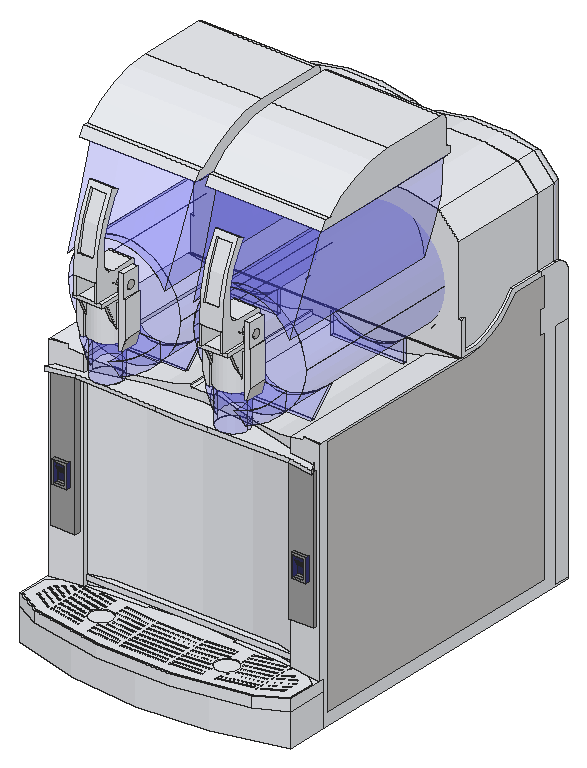
Revit family "QF_ELECTROLUXPROFESSIONAL_560051_NINA2ITNKUK", category Specialty Equipment, Revit 2018 (continued)
Automatic sketch dimensions
  curve 30 to curve 58 = 0.0 mm  (x2)
  curve 30 to curve 59 = 0.0 mm  (x2)
  curve 30 to curve 60 = 0.0 mm  (x2)
  curve 30 to curve 61 = 0.0 mm  (x2)
  curve 30 to curve 62 = 0.0 mm  (x2)
  curve 30 to curve 63 = 0.0 mm  (x2)
  curve 30 to curve 64 = 0.0 mm  (x2)
  curve 30 to curve 65 = 0.0 mm  (x2)
  curve 30 to curve 66 = 0.0 mm  (x2)
  curve 30 to curve 67 = 0.0 mm  (x2)
  curve 30 to curve 68 = 0.0 mm  (x2)
  curve 30 to curve 69 = 0.0 mm  (x2)
  curve 30 to curve 70 = 0.0 mm  (x2)
  curve 30 to curve 71 = 0.0 mm  (x2)
  curve 30 to curve 72 = 0.0 mm  (x2)
  curve 30 to curve 91 = 0.0 mm  (x2)
  curve 30 to curve 92 = 0.0 mm  (x2)
  curve 30 to curve 93 = 0.0 mm  (x2)
  curve 30 to curve 94 = 0.0 mm  (x2)
  curve 30 to curve 95 = 0.0 mm  (x2)
  curve 30 to curve 96 = 0.0 mm  (x2)
  curve 30 to curve 97 = 0.0 mm  (x2)
  curve 30 to curve 98 = 0.0 mm  (x2)
  curve 30 to curve 99 = 0.0 mm  (x2)
  curve 30 to curve 100 = 0.0 mm  (x2)
  curve 30 to curve 101 = 0.0 mm  (x2)
  curve 30 to curve 116 = 0.0 mm  (x2)
  curve 30 to curve 117 = 0.0 mm  (x2)
  curve 30 to curve 134 = 0.0 mm  (x2)
  curve 30 to curve 135 = 0.0 mm  (x2)
  curve 30 to curve 136 = 0.0 mm  (x2)
  curve 30 to curve 137 = 0.0 mm  (x2)
  curve 30 to curve 138 = 0.0 mm  (x2)
  curve 30 to curve 139 = 0.0 mm  (x2)
  curve 30 to curve 140 = 0.0 mm  (x2)
  curve 30 to curve 141 = 0.0 mm  (x2)
  curve 30 to curve 142 = 0.0 mm  (x2)
  curve 30 to curve 143 = 0.0 mm  (x2)
  curve 30 to curve 144 = 0.0 mm  (x2)
  curve 30 to curve 145 = 0.0 mm  (x2)
  curve 30 to curve 146 = 0.0 mm  (x2)
  curve 30 to curve 147 = 0.0 mm  (x2)
  curve 30 to curve 148 = 0.0 mm  (x2)
  curve 30 to curve 167 = 0.0 mm  (x2)
  curve 30 to curve 168 = 0.0 mm  (x2)
  curve 30 to curve 169 = 0.0 mm  (x2)
  curve 30 to curve 170 = 0.0 mm  (x2)
  curve 30 to curve 171 = 0.0 mm  (x2)
  curve 30 to curve 172 = 0.0 mm  (x2)
  curve 30 to curve 173 = 0.0 mm  (x2)
  curve 30 to curve 174 = 0.0 mm  (x2)
  curve 30 to curve 175 = 0.0 mm  (x2)
  curve 30 to curve 176 = 0.0 mm  (x2)
  curve 30 to curve 177 = 0.0 mm  (x2)
  curve 31 to curve 32 = 0.0 mm  (x2)
  curve 31 to curve 33 = 0.0 mm  (x2)
  curve 31 to curve 34 = 0.0 mm  (x2)
  curve 31 to curve 35 = 0.0 mm  (x2)
  curve 31 to curve 36 = 0.0 mm  (x2)
  curve 31 to curve 37 = 0.0 mm  (x2)
  curve 31 to curve 38 = 0.0 mm  (x2)
  curve 31 to curve 39 = 0.0 mm  (x2)
  curve 31 to curve 40 = 0.0 mm  (x2)
  curve 31 to curve 41 = 0.0 mm  (x2)
  curve 31 to curve 58 = 0.0 mm  (x2)
  curve 31 to curve 59 = 0.0 mm  (x2)
  curve 31 to curve 60 = 0.0 mm  (x2)
  curve 31 to curve 61 = 0.0 mm  (x2)
  curve 31 to curve 62 = 0.0 mm  (x2)
  curve 31 to curve 63 = 0.0 mm  (x2)
  curve 31 to curve 64 = 0.0 mm  (x2)
  curve 31 to curve 65 = 0.0 mm  (x2)
  curve 31 to curve 66 = 0.0 mm  (x2)
  curve 31 to curve 67 = 0.0 mm  (x2)
  curve 31 to curve 68 = 0.0 mm  (x2)
  curve 31 to curve 69 = 0.0 mm  (x2)
  curve 31 to curve 70 = 0.0 mm  (x2)
  curve 31 to curve 71 = 0.0 mm  (x2)
  curve 31 to curve 72 = 0.0 mm  (x2)
  curve 31 to curve 91 = 0.0 mm  (x2)
  curve 31 to curve 92 = 0.0 mm  (x2)
  curve 31 to curve 93 = 0.0 mm  (x2)
  curve 31 to curve 94 = 0.0 mm  (x2)
  curve 31 to curve 95 = 0.0 mm  (x2)
  curve 31 to curve 96 = 0.0 mm  (x2)
  curve 31 to curve 97 = 0.0 mm  (x2)
  curve 31 to curve 98 = 0.0 mm  (x2)
  curve 31 to curve 99 = 0.0 mm  (x2)
  curve 31 to curve 100 = 0.0 mm  (x2)
  curve 31 to curve 101 = 0.0 mm  (x2)
  curve 31 to curve 116 = 0.0 mm  (x2)
  curve 31 to curve 117 = 0.0 mm  (x2)
  curve 31 to curve 134 = 0.0 mm  (x2)
  curve 31 to curve 135 = 0.0 mm  (x2)
  curve 31 to curve 136 = 0.0 mm  (x2)
  curve 31 to curve 137 = 0.0 mm  (x2)
  curve 31 to curve 138 = 0.0 mm  (x2)
  curve 31 to curve 139 = 0.0 mm  (x2)
  curve 31 to curve 140 = 0.0 mm  (x2)
  curve 31 to curve 141 = 0.0 mm  (x2)
  curve 31 to curve 142 = 0.0 mm  (x2)
  curve 31 to curve 143 = 0.0 mm  (x2)
  curve 31 to curve 144 = 0.0 mm  (x2)
  curve 31 to curve 145 = 0.0 mm  (x2)
  curve 31 to curve 146 = 0.0 mm  (x2)
  curve 31 to curve 147 = 0.0 mm  (x2)
  curve 31 to curve 148 = 0.0 mm  (x2)
  curve 31 to curve 167 = 0.0 mm  (x2)
  curve 31 to curve 168 = 0.0 mm  (x2)
  curve 31 to curve 169 = 0.0 mm  (x2)
  curve 31 to curve 170 = 0.0 mm  (x2)
  curve 31 to curve 171 = 0.0 mm  (x2)
  curve 31 to curve 172 = 0.0 mm  (x2)
  curve 31 to curve 173 = 0.0 mm  (x2)
  curve 31 to curve 174 = 0.0 mm  (x2)
  curve 31 to curve 175 = 0.0 mm  (x2)
  curve 31 to curve 176 = 0.0 mm  (x2)
  curve 31 to curve 177 = 0.0 mm  (x2)
  curve 32 to curve 33 = 0.0 mm  (x2)
  curve 32 to curve 34 = 0.0 mm  (x2)
  curve 32 to curve 35 = 0.0 mm  (x2)
  curve 32 to curve 36 = 0.0 mm  (x2)
  curve 32 to curve 37 = 0.0 mm  (x2)
  curve 32 to curve 38 = 0.0 mm  (x2)
  curve 32 to curve 39 = 0.0 mm  (x2)
  curve 32 to curve 40 = 0.0 mm  (x2)
  curve 32 to curve 41 = 0.0 mm  (x2)
  curve 32 to curve 58 = 0.0 mm  (x2)
  curve 32 to curve 59 = 0.0 mm  (x2)
  curve 32 to curve 60 = 0.0 mm  (x2)
  curve 32 to curve 61 = 0.0 mm  (x2)
  curve 32 to curve 62 = 0.0 mm  (x2)
  curve 32 to curve 63 = 0.0 mm  (x2)
  curve 32 to curve 64 = 0.0 mm  (x2)
  curve 32 to curve 65 = 0.0 mm  (x2)
  curve 32 to curve 66 = 0.0 mm  (x2)
  curve 32 to curve 67 = 0.0 mm  (x2)
  curve 32 to curve 68 = 0.0 mm  (x2)
  curve 32 to curve 69 = 0.0 mm  (x2)
  curve 32 to curve 70 = 0.0 mm  (x2)
  curve 32 to curve 71 = 0.0 mm  (x2)
  curve 32 to curve 72 = 0.0 mm  (x2)
  curve 32 to curve 91 = 0.0 mm  (x2)
  curve 32 to curve 92 = 0.0 mm  (x2)
  curve 32 to curve 93 = 0.0 mm  (x2)
  curve 32 to curve 94 = 0.0 mm  (x2)
  curve 32 to curve 95 = 0.0 mm  (x2)
  curve 32 to curve 96 = 0.0 mm  (x2)
  curve 32 to curve 97 = 0.0 mm  (x2)
  curve 32 to curve 98 = 0.0 mm  (x2)
  curve 32 to curve 99 = 0.0 mm  (x2)
  curve 32 to curve 100 = 0.0 mm  (x2)
  curve 32 to curve 101 = 0.0 mm  (x2)
  curve 32 to curve 116 = 0.0 mm  (x2)
  curve 32 to curve 117 = 0.0 mm  (x2)
  curve 32 to curve 134 = 0.0 mm  (x2)
  curve 32 to curve 135 = 0.0 mm  (x2)
  curve 32 to curve 136 = 0.0 mm  (x2)
  curve 32 to curve 137 = 0.0 mm  (x2)
  curve 32 to curve 138 = 0.0 mm  (x2)
  curve 32 to curve 139 = 0.0 mm  (x2)
  curve 32 to curve 140 = 0.0 mm  (x2)
  curve 32 to curve 141 = 0.0 mm  (x2)
  curve 32 to curve 142 = 0.0 mm  (x2)
  curve 32 to curve 143 = 0.0 mm  (x2)
  curve 32 to curve 144 = 0.0 mm  (x2)
  curve 32 to curve 145 = 0.0 mm  (x2)
  curve 32 to curve 146 = 0.0 mm  (x2)
  curve 32 to curve 147 = 0.0 mm  (x2)
  curve 32 to curve 148 = 0.0 mm  (x2)
  curve 32 to curve 167 = 0.0 mm  (x2)
  curve 32 to curve 168 = 0.0 mm  (x2)
  curve 32 to curve 169 = 0.0 mm  (x2)
  curve 32 to curve 170 = 0.0 mm  (x2)
  curve 32 to curve 171 = 0.0 mm  (x2)
  curve 32 to curve 172 = 0.0 mm  (x2)
  curve 32 to curve 173 = 0.0 mm  (x2)
  curve 32 to curve 174 = 0.0 mm  (x2)
  curve 32 to curve 175 = 0.0 mm  (x2)
  curve 32 to curve 176 = 0.0 mm  (x2)
  curve 32 to curve 177 = 0.0 mm  (x2)
  curve 33 to curve 34 = 0.0 mm  (x2)
  curve 33 to curve 35 = 0.0 mm  (x2)
  curve 33 to curve 36 = 0.0 mm  (x2)
  curve 33 to curve 37 = 0.0 mm  (x2)
  curve 33 to curve 38 = 0.0 mm  (x2)
  curve 33 to curve 39 = 0.0 mm  (x2)
  curve 33 to curve 40 = 0.0 mm  (x2)
  curve 33 to curve 41 = 0.0 mm  (x2)
  curve 33 to curve 58 = 0.0 mm  (x2)
  curve 33 to curve 59 = 0.0 mm  (x2)
  curve 33 to curve 60 = 0.0 mm  (x2)
  curve 33 to curve 61 = 0.0 mm  (x2)
  curve 33 to curve 62 = 0.0 mm  (x2)
  curve 33 to curve 63 = 0.0 mm  (x2)
  curve 33 to curve 64 = 0.0 mm  (x2)
  curve 33 to curve 65 = 0.0 mm  (x2)
  curve 33 to curve 66 = 0.0 mm  (x2)
  curve 33 to curve 67 = 0.0 mm  (x2)
  curve 33 to curve 68 = 0.0 mm  (x2)
  curve 33 to curve 69 = 0.0 mm  (x2)
  curve 33 to curve 70 = 0.0 mm  (x2)
  curve 33 to curve 71 = 0.0 mm  (x2)
  curve 33 to curve 72 = 0.0 mm  (x2)
  curve 33 to curve 91 = 0.0 mm  (x2)
  curve 33 to curve 92 = 0.0 mm  (x2)
  curve 33 to curve 93 = 0.0 mm  (x2)
  curve 33 to curve 94 = 0.0 mm  (x2)
  curve 33 to curve 95 = 0.0 mm  (x2)
  curve 33 to curve 96 = 0.0 mm  (x2)
  curve 33 to curve 97 = 0.0 mm  (x2)
  curve 33 to curve 98 = 0.0 mm  (x2)
  curve 33 to curve 99 = 0.0 mm  (x2)
  curve 33 to curve 100 = 0.0 mm  (x2)
  curve 33 to curve 101 = 0.0 mm  (x2)
  curve 33 to curve 116 = 0.0 mm  (x2)
  curve 33 to curve 117 = 0.0 mm  (x2)
  curve 33 to curve 134 = 0.0 mm  (x2)
  curve 33 to curve 135 = 0.0 mm  (x2)
  curve 33 to curve 136 = 0.0 mm  (x2)
  curve 33 to curve 137 = 0.0 mm  (x2)
  curve 33 to curve 138 = 0.0 mm  (x2)
  curve 33 to curve 139 = 0.0 mm  (x2)
  curve 33 to curve 140 = 0.0 mm  (x2)
  curve 33 to curve 141 = 0.0 mm  (x2)
  curve 33 to curve 142 = 0.0 mm  (x2)
  curve 33 to curve 143 = 0.0 mm  (x2)
  curve 33 to curve 144 = 0.0 mm  (x2)
  curve 33 to curve 145 = 0.0 mm  (x2)
  curve 33 to curve 146 = 0.0 mm  (x2)
  curve 33 to curve 147 = 0.0 mm  (x2)
  curve 33 to curve 148 = 0.0 mm  (x2)
  curve 33 to curve 167 = 0.0 mm  (x2)
  curve 33 to curve 168 = 0.0 mm  (x2)
  curve 33 to curve 169 = 0.0 mm  (x2)
  curve 33 to curve 170 = 0.0 mm  (x2)
  curve 33 to curve 171 = 0.0 mm  (x2)
  curve 33 to curve 172 = 0.0 mm  (x2)
  curve 33 to curve 173 = 0.0 mm  (x2)
  curve 33 to curve 174 = 0.0 mm  (x2)
  curve 33 to curve 175 = 0.0 mm  (x2)
  curve 33 to curve 176 = 0.0 mm  (x2)
  curve 33 to curve 177 = 0.0 mm  (x2)
  curve 34 to curve 35 = 0.0 mm  (x2)
  curve 34 to curve 36 = 0.0 mm  (x2)
  curve 34 to curve 37 = 0.0 mm  (x2)
  curve 34 to curve 38 = 0.0 mm  (x2)
  curve 34 to curve 39 = 0.0 mm  (x2)
  curve 34 to curve 40 = 0.0 mm  (x2)
  curve 34 to curve 41 = 0.0 mm  (x2)
  curve 34 to curve 58 = 0.0 mm  (x2)
  curve 34 to curve 59 = 0.0 mm  (x2)
  curve 34 to curve 60 = 0.0 mm  (x2)
  curve 34 to curve 61 = 0.0 mm  (x2)
  curve 34 to curve 62 = 0.0 mm  (x2)
  curve 34 to curve 63 = 0.0 mm  (x2)
  curve 34 to curve 64 = 0.0 mm  (x2)
  curve 34 to curve 65 = 0.0 mm  (x2)
  curve 34 to curve 66 = 0.0 mm  (x2)
  curve 34 to curve 67 = 0.0 mm  (x2)
  curve 34 to curve 68 = 0.0 mm  (x2)
  curve 34 to curve 69 = 0.0 mm  (x2)
  curve 34 to curve 70 = 0.0 mm  (x2)
  curve 34 to curve 71 = 0.0 mm  (x2)
  curve 34 to curve 72 = 0.0 mm  (x2)
  curve 34 to curve 91 = 0.0 mm  (x2)
  curve 34 to curve 92 = 0.0 mm  (x2)
  curve 34 to curve 93 = 0.0 mm  (x2)
  curve 34 to curve 94 = 0.0 mm  (x2)
  curve 34 to curve 95 = 0.0 mm  (x2)
  curve 34 to curve 96 = 0.0 mm  (x2)
  curve 34 to curve 97 = 0.0 mm  (x2)
  curve 34 to curve 98 = 0.0 mm  (x2)
  curve 34 to curve 99 = 0.0 mm  (x2)
  curve 34 to curve 100 = 0.0 mm  (x2)
  curve 34 to curve 101 = 0.0 mm  (x2)
  curve 34 to curve 116 = 0.0 mm  (x2)
  curve 34 to curve 117 = 0.0 mm  (x2)
  curve 34 to curve 134 = 0.0 mm  (x2)
  curve 34 to curve 135 = 0.0 mm  (x2)
  curve 34 to curve 136 = 0.0 mm  (x2)
  curve 34 to curve 137 = 0.0 mm  (x2)
  curve 34 to curve 138 = 0.0 mm  (x2)
  curve 34 to curve 139 = 0.0 mm  (x2)
  curve 34 to curve 140 = 0.0 mm  (x2)
  curve 34 to curve 141 = 0.0 mm  (x2)
  curve 34 to curve 142 = 0.0 mm  (x2)
  curve 34 to curve 143 = 0.0 mm  (x2)
  curve 34 to curve 144 = 0.0 mm  (x2)
  curve 34 to curve 145 = 0.0 mm  (x2)
  curve 34 to curve 146 = 0.0 mm  (x2)
  curve 34 to curve 147 = 0.0 mm  (x2)
  curve 34 to curve 148 = 0.0 mm  (x2)
  curve 34 to curve 167 = 0.0 mm  (x2)
  curve 34 to curve 168 = 0.0 mm  (x2)
  curve 34 to curve 169 = 0.0 mm  (x2)
  curve 34 to curve 170 = 0.0 mm  (x2)
  curve 34 to curve 171 = 0.0 mm  (x2)
  curve 34 to curve 172 = 0.0 mm  (x2)
  curve 34 to curve 173 = 0.0 mm  (x2)
  curve 34 to curve 174 = 0.0 mm  (x2)
  curve 34 to curve 175 = 0.0 mm  (x2)
  curve 34 to curve 176 = 0.0 mm  (x2)
  curve 34 to curve 177 = 0.0 mm  (x2)
  curve 35 to curve 36 = 0.0 mm  (x2)
  curve 35 to curve 37 = 0.0 mm  (x2)
  curve 35 to curve 38 = 0.0 mm  (x2)
  curve 35 to curve 39 = 0.0 mm  (x2)
  curve 35 to curve 40 = 0.0 mm  (x2)
  curve 35 to curve 41 = 0.0 mm  (x2)
  curve 35 to curve 58 = 0.0 mm  (x2)
  curve 35 to curve 59 = 0.0 mm  (x2)
  curve 35 to curve 60 = 0.0 mm  (x2)
  curve 35 to curve 61 = 0.0 mm  (x2)
  curve 35 to curve 62 = 0.0 mm  (x2)
  curve 35 to curve 63 = 0.0 mm  (x2)
  curve 35 to curve 64 = 0.0 mm  (x2)
  curve 35 to curve 65 = 0.0 mm  (x2)
  curve 35 to curve 66 = 0.0 mm  (x2)
  curve 35 to curve 67 = 0.0 mm  (x2)
  curve 35 to curve 68 = 0.0 mm  (x2)
  curve 35 to curve 69 = 0.0 mm  (x2)
  curve 35 to curve 70 = 0.0 mm  (x2)
  curve 35 to curve 71 = 0.0 mm  (x2)
  curve 35 to curve 72 = 0.0 mm  (x2)
  curve 35 to curve 91 = 0.0 mm  (x2)
  curve 35 to curve 92 = 0.0 mm  (x2)
  curve 35 to curve 93 = 0.0 mm  (x2)
  curve 35 to curve 94 = 0.0 mm  (x2)
  curve 35 to curve 95 = 0.0 mm  (x2)
  curve 35 to curve 96 = 0.0 mm  (x2)
  curve 35 to curve 97 = 0.0 mm  (x2)
  curve 35 to curve 98 = 0.0 mm  (x2)
  curve 35 to curve 99 = 0.0 mm  (x2)
  curve 35 to curve 100 = 0.0 mm  (x2)
  curve 35 to curve 101 = 0.0 mm  (x2)
  curve 35 to curve 116 = 0.0 mm  (x2)
  curve 35 to curve 117 = 0.0 mm  (x2)
  curve 35 to curve 134 = 0.0 mm  (x2)
  curve 35 to curve 135 = 0.0 mm  (x2)
  curve 35 to curve 136 = 0.0 mm  (x2)
  curve 35 to curve 137 = 0.0 mm  (x2)
  curve 35 to curve 138 = 0.0 mm  (x2)
  curve 35 to curve 139 = 0.0 mm  (x2)
  curve 35 to curve 140 = 0.0 mm  (x2)
  curve 35 to curve 141 = 0.0 mm  (x2)
  curve 35 to curve 142 = 0.0 mm  (x2)
  curve 35 to curve 143 = 0.0 mm  (x2)
  curve 35 to curve 144 = 0.0 mm  (x2)
  curve 35 to curve 145 = 0.0 mm  (x2)
  curve 35 to curve 146 = 0.0 mm  (x2)
  curve 35 to curve 147 = 0.0 mm  (x2)
  curve 35 to curve 148 = 0.0 mm  (x2)
  curve 35 to curve 167 = 0.0 mm  (x2)
  curve 35 to curve 168 = 0.0 mm  (x2)
  curve 35 to curve 169 = 0.0 mm  (x2)
  curve 35 to curve 170 = 0.0 mm  (x2)
  curve 35 to curve 171 = 0.0 mm  (x2)
  curve 35 to curve 172 = 0.0 mm  (x2)
  curve 35 to curve 173 = 0.0 mm  (x2)
  curve 35 to curve 174 = 0.0 mm  (x2)
  curve 35 to curve 175 = 0.0 mm  (x2)
  curve 35 to curve 176 = 0.0 mm  (x2)
  curve 35 to curve 177 = 0.0 mm  (x2)
  curve 36 to curve 37 = 0.0 mm  (x2)
  curve 36 to curve 38 = 0.0 mm  (x2)
  curve 36 to curve 39 = 0.0 mm  (x2)
  curve 36 to curve 40 = 0.0 mm  (x2)
  curve 36 to curve 41 = 0.0 mm  (x2)
  curve 36 to curve 58 = 0.0 mm  (x2)
  curve 36 to curve 59 = 0.0 mm  (x2)
  curve 36 to curve 60 = 0.0 mm  (x2)
  curve 36 to curve 61 = 0.0 mm  (x2)
  curve 36 to curve 62 = 0.0 mm  (x2)
  curve 36 to curve 63 = 0.0 mm  (x2)
  curve 36 to curve 64 = 0.0 mm  (x2)
  curve 36 to curve 65 = 0.0 mm  (x2)
  curve 36 to curve 66 = 0.0 mm  (x2)
  curve 36 to curve 67 = 0.0 mm  (x2)
  curve 36 to curve 68 = 0.0 mm  (x2)
  curve 36 to curve 69 = 0.0 mm  (x2)
  curve 36 to curve 70 = 0.0 mm  (x2)
  curve 36 to curve 71 = 0.0 mm  (x2)
  curve 36 to curve 72 = 0.0 mm  (x2)
  curve 36 to curve 91 = 0.0 mm  (x2)
  curve 36 to curve 92 = 0.0 mm  (x2)
  curve 36 to curve 93 = 0.0 mm  (x2)
  curve 36 to curve 94 = 0.0 mm  (x2)
  curve 36 to curve 95 = 0.0 mm  (x2)
  curve 36 to curve 96 = 0.0 mm  (x2)
  curve 36 to curve 97 = 0.0 mm  (x2)
  curve 36 to curve 98 = 0.0 mm  (x2)
  curve 36 to curve 99 = 0.0 mm  (x2)
  curve 36 to curve 100 = 0.0 mm  (x2)
  curve 36 to curve 101 = 0.0 mm  (x2)
  curve 36 to curve 116 = 0.0 mm  (x2)
  curve 36 to curve 117 = 0.0 mm  (x2)
  curve 36 to curve 134 = 0.0 mm  (x2)
  curve 36 to curve 135 = 0.0 mm  (x2)
  curve 36 to curve 136 = 0.0 mm  (x2)
  curve 36 to curve 137 = 0.0 mm  (x2)
  curve 36 to curve 138 = 0.0 mm  (x2)
  curve 36 to curve 139 = 0.0 mm  (x2)
  curve 36 to curve 140 = 0.0 mm  (x2)
  curve 36 to curve 141 = 0.0 mm  (x2)
  curve 36 to curve 142 = 0.0 mm  (x2)
  curve 36 to curve 143 = 0.0 mm  (x2)
  curve 36 to curve 144 = 0.0 mm  (x2)
  curve 36 to curve 145 = 0.0 mm  (x2)
  curve 36 to curve 146 = 0.0 mm  (x2)
  curve 36 to curve 147 = 0.0 mm  (x2)
  curve 36 to curve 148 = 0.0 mm  (x2)
  curve 36 to curve 167 = 0.0 mm  (x2)
  curve 36 to curve 168 = 0.0 mm  (x2)
  curve 36 to curve 169 = 0.0 mm  (x2)
  curve 36 to curve 170 = 0.0 mm  (x2)
  curve 36 to curve 171 = 0.0 mm  (x2)
  curve 36 to curve 172 = 0.0 mm  (x2)
  curve 36 to curve 173 = 0.0 mm  (x2)
  curve 36 to curve 174 = 0.0 mm  (x2)
  curve 36 to curve 175 = 0.0 mm  (x2)
  curve 36 to curve 176 = 0.0 mm  (x2)
  curve 36 to curve 177 = 0.0 mm  (x2)
  curve 37 to curve 38 = 0.0 mm  (x2)
  curve 37 to curve 39 = 0.0 mm  (x2)
  curve 37 to curve 40 = 0.0 mm  (x2)
  curve 37 to curve 41 = 0.0 mm  (x2)
  curve 37 to curve 58 = 0.0 mm  (x2)
  curve 37 to curve 59 = 0.0 mm  (x2)
  curve 37 to curve 60 = 0.0 mm  (x2)
  curve 37 to curve 61 = 0.0 mm  (x2)
  curve 37 to curve 62 = 0.0 mm  (x2)
  curve 37 to curve 63 = 0.0 mm  (x2)
  curve 37 to curve 64 = 0.0 mm  (x2)
  curve 37 to curve 65 = 0.0 mm  (x2)
  curve 37 to curve 66 = 0.0 mm  (x2)
  curve 37 to curve 67 = 0.0 mm  (x2)
  curve 37 to curve 68 = 0.0 mm  (x2)
  curve 37 to curve 69 = 0.0 mm  (x2)
  curve 37 to curve 70 = 0.0 mm  (x2)
  curve 37 to curve 71 = 0.0 mm  (x2)
  curve 37 to curve 72 = 0.0 mm  (x2)
  curve 37 to curve 91 = 0.0 mm  (x2)
  curve 37 to curve 92 = 0.0 mm  (x2)
  curve 37 to curve 93 = 0.0 mm  (x2)
  curve 37 to curve 94 = 0.0 mm  (x2)
  curve 37 to curve 95 = 0.0 mm  (x2)
  curve 37 to curve 96 = 0.0 mm  (x2)
  curve 37 to curve 97 = 0.0 mm  (x2)
  curve 37 to curve 98 = 0.0 mm  (x2)
  curve 37 to curve 99 = 0.0 mm  (x2)
  curve 37 to curve 100 = 0.0 mm  (x2)
  curve 37 to curve 101 = 0.0 mm  (x2)
  curve 37 to curve 116 = 0.0 mm  (x2)
  curve 37 to curve 117 = 0.0 mm  (x2)
  curve 37 to curve 134 = 0.0 mm  (x2)
  curve 37 to curve 135 = 0.0 mm  (x2)
  curve 37 to curve 136 = 0.0 mm  (x2)
  curve 37 to curve 137 = 0.0 mm  (x2)
  curve 37 to curve 138 = 0.0 mm  (x2)
  curve 37 to curve 139 = 0.0 mm  (x2)
  curve 37 to curve 140 = 0.0 mm  (x2)
  curve 37 to curve 141 = 0.0 mm  (x2)
  curve 37 to curve 142 = 0.0 mm  (x2)
  curve 37 to curve 143 = 0.0 mm  (x2)
  curve 37 to curve 144 = 0.0 mm  (x2)
  curve 37 to curve 145 = 0.0 mm  (x2)
  curve 37 to curve 146 = 0.0 mm  (x2)
  curve 37 to curve 147 = 0.0 mm  (x2)
  curve 37 to curve 148 = 0.0 mm  (x2)
  curve 37 to curve 167 = 0.0 mm  (x2)
  curve 37 to curve 168 = 0.0 mm  (x2)
  curve 37 to curve 169 = 0.0 mm  (x2)
  curve 37 to curve 170 = 0.0 mm  (x2)
  curve 37 to curve 171 = 0.0 mm  (x2)
  curve 37 to curve 172 = 0.0 mm  (x2)
  curve 37 to curve 173 = 0.0 mm  (x2)
  curve 37 to curve 174 = 0.0 mm  (x2)
  curve 37 to curve 175 = 0.0 mm  (x2)
  curve 37 to curve 176 = 0.0 mm  (x2)
  curve 37 to curve 177 = 0.0 mm  (x2)
  curve 38 to curve 39 = 0.0 mm  (x2)
  curve 38 to curve 40 = 0.0 mm  (x2)
  curve 38 to curve 41 = 0.0 mm  (x2)
  curve 38 to curve 58 = 0.0 mm  (x2)
  curve 38 to curve 59 = 0.0 mm  (x2)
  curve 38 to curve 60 = 0.0 mm  (x2)
  curve 38 to curve 61 = 0.0 mm  (x2)
  curve 38 to curve 62 = 0.0 mm  (x2)
  curve 38 to curve 63 = 0.0 mm  (x2)
  curve 38 to curve 64 = 0.0 mm  (x2)
  curve 38 to curve 65 = 0.0 mm  (x2)
  curve 38 to curve 66 = 0.0 mm  (x2)
  curve 38 to curve 67 = 0.0 mm  (x2)
  curve 38 to curve 68 = 0.0 mm  (x2)
  curve 38 to curve 69 = 0.0 mm  (x2)
  curve 38 to curve 70 = 0.0 mm  (x2)
  curve 38 to curve 71 = 0.0 mm  (x2)
  curve 38 to curve 72 = 0.0 mm  (x2)
  curve 38 to curve 91 = 0.0 mm  (x2)
  curve 38 to curve 92 = 0.0 mm  (x2)
  curve 38 to curve 93 = 0.0 mm  (x2)
  curve 38 to curve 94 = 0.0 mm  (x2)
  curve 38 to curve 95 = 0.0 mm  (x2)
  curve 38 to curve 96 = 0.0 mm  (x2)
  curve 38 to curve 97 = 0.0 mm  (x2)
  curve 38 to curve 98 = 0.0 mm  (x2)
  curve 38 to curve 99 = 0.0 mm  (x2)
  curve 38 to curve 100 = 0.0 mm  (x2)
  curve 38 to curve 101 = 0.0 mm  (x2)
  curve 38 to curve 116 = 0.0 mm  (x2)
  curve 38 to curve 117 = 0.0 mm  (x2)
  curve 38 to curve 134 = 0.0 mm  (x2)
  curve 38 to curve 135 = 0.0 mm  (x2)
  curve 38 to curve 136 = 0.0 mm  (x2)
  curve 38 to curve 137 = 0.0 mm  (x2)
  curve 38 to curve 138 = 0.0 mm  (x2)
  curve 38 to curve 139 = 0.0 mm  (x2)
  curve 38 to curve 140 = 0.0 mm  (x2)
  curve 38 to curve 141 = 0.0 mm  (x2)
  curve 38 to curve 142 = 0.0 mm  (x2)
  curve 38 to curve 143 = 0.0 mm  (x2)
  curve 38 to curve 144 = 0.0 mm  (x2)
  curve 38 to curve 145 = 0.0 mm  (x2)
  curve 38 to curve 146 = 0.0 mm  (x2)
  curve 38 to curve 147 = 0.0 mm  (x2)
  curve 38 to curve 148 = 0.0 mm  (x2)
  curve 38 to curve 167 = 0.0 mm  (x2)
  curve 38 to curve 168 = 0.0 mm  (x2)
  curve 38 to curve 169 = 0.0 mm  (x2)
  curve 38 to curve 170 = 0.0 mm  (x2)
  curve 38 to curve 171 = 0.0 mm  (x2)
  curve 38 to curve 172 = 0.0 mm  (x2)
  curve 38 to curve 173 = 0.0 mm  (x2)
  curve 38 to curve 174 = 0.0 mm  (x2)
  curve 38 to curve 175 = 0.0 mm  (x2)
  curve 38 to curve 176 = 0.0 mm  (x2)
  curve 38 to curve 177 = 0.0 mm  (x2)
  curve 39 to curve 40 = 0.0 mm  (x2)
  curve 39 to curve 41 = 0.0 mm  (x2)
  curve 39 to curve 58 = 0.0 mm  (x2)
  curve 39 to curve 59 = 0.0 mm  (x2)
  curve 39 to curve 60 = 0.0 mm  (x2)
  curve 39 to curve 61 = 0.0 mm  (x2)
  curve 39 to curve 62 = 0.0 mm  (x2)
  curve 39 to curve 63 = 0.0 mm  (x2)
  curve 39 to curve 64 = 0.0 mm  (x2)
  curve 39 to curve 65 = 0.0 mm  (x2)
  curve 39 to curve 66 = 0.0 mm  (x2)
  curve 39 to curve 67 = 0.0 mm  (x2)
  curve 39 to curve 68 = 0.0 mm  (x2)
  curve 39 to curve 69 = 0.0 mm  (x2)
  curve 39 to curve 70 = 0.0 mm  (x2)
  curve 39 to curve 71 = 0.0 mm  (x2)
  curve 39 to curve 72 = 0.0 mm  (x2)
  curve 39 to curve 91 = 0.0 mm  (x2)
  curve 39 to curve 92 = 0.0 mm  (x2)
  curve 39 to curve 93 = 0.0 mm  (x2)
  curve 39 to curve 94 = 0.0 mm  (x2)
  curve 39 to curve 95 = 0.0 mm  (x2)
  curve 39 to curve 96 = 0.0 mm  (x2)
  curve 39 to curve 97 = 0.0 mm  (x2)
  curve 39 to curve 98 = 0.0 mm  (x2)
  curve 39 to curve 99 = 0.0 mm  (x2)
  curve 39 to curve 100 = 0.0 mm  (x2)
  curve 39 to curve 101 = 0.0 mm  (x2)
  curve 39 to curve 116 = 0.0 mm  (x2)
  curve 39 to curve 117 = 0.0 mm  (x2)
  curve 39 to curve 134 = 0.0 mm  (x2)
  curve 39 to curve 135 = 0.0 mm  (x2)
  curve 39 to curve 136 = 0.0 mm  (x2)
  curve 39 to curve 137 = 0.0 mm  (x2)
  curve 39 to curve 138 = 0.0 mm  (x2)
  curve 39 to curve 139 = 0.0 mm  (x2)
  curve 39 to curve 140 = 0.0 mm  (x2)
  curve 39 to curve 141 = 0.0 mm  (x2)
  curve 39 to curve 142 = 0.0 mm  (x2)
  curve 39 to curve 143 = 0.0 mm  (x2)
  curve 39 to curve 144 = 0.0 mm  (x2)
  curve 39 to curve 145 = 0.0 mm  (x2)
  curve 39 to curve 146 = 0.0 mm  (x2)
  curve 39 to curve 147 = 0.0 mm  (x2)
  curve 39 to curve 148 = 0.0 mm  (x2)
  curve 39 to curve 167 = 0.0 mm  (x2)
  curve 39 to curve 168 = 0.0 mm  (x2)
  curve 39 to curve 169 = 0.0 mm  (x2)
  curve 39 to curve 170 = 0.0 mm  (x2)
  curve 39 to curve 171 = 0.0 mm  (x2)
  curve 39 to curve 172 = 0.0 mm  (x2)
  curve 39 to curve 173 = 0.0 mm  (x2)
  curve 39 to curve 174 = 0.0 mm  (x2)
  curve 39 to curve 175 = 0.0 mm  (x2)
  curve 39 to curve 176 = 0.0 mm  (x2)
  curve 39 to curve 177 = 0.0 mm  (x2)
  curve 40 to curve 41 = 0.0 mm  (x2)
  curve 40 to curve 58 = 0.0 mm  (x2)
  curve 40 to curve 59 = 0.0 mm  (x2)
  curve 40 to curve 60 = 0.0 mm  (x2)
  curve 40 to curve 61 = 0.0 mm  (x2)
  curve 40 to curve 62 = 0.0 mm  (x2)
  curve 40 to curve 63 = 0.0 mm  (x2)
  curve 40 to curve 64 = 0.0 mm  (x2)
  curve 40 to curve 65 = 0.0 mm  (x2)
  curve 40 to curve 66 = 0.0 mm  (x2)
  curve 40 to curve 67 = 0.0 mm  (x2)
  curve 40 to curve 68 = 0.0 mm  (x2)
  curve 40 to curve 69 = 0.0 mm  (x2)
  curve 40 to curve 70 = 0.0 mm  (x2)
  curve 40 to curve 71 = 0.0 mm  (x2)
  curve 40 to curve 72 = 0.0 mm  (x2)
  curve 40 to curve 91 = 0.0 mm  (x2)
  curve 40 to curve 92 = 0.0 mm  (x2)
  curve 40 to curve 93 = 0.0 mm  (x2)
  curve 40 to curve 94 = 0.0 mm  (x2)
  curve 40 to curve 95 = 0.0 mm  (x2)
  curve 40 to curve 96 = 0.0 mm  (x2)
  curve 40 to curve 97 = 0.0 mm  (x2)
  curve 40 to curve 98 = 0.0 mm  (x2)
  curve 40 to curve 99 = 0.0 mm  (x2)
  curve 40 to curve 100 = 0.0 mm  (x2)
  curve 40 to curve 101 = 0.0 mm  (x2)
  curve 40 to curve 116 = 0.0 mm  (x2)
  curve 40 to curve 117 = 0.0 mm  (x2)
  curve 40 to curve 134 = 0.0 mm  (x2)
  curve 40 to curve 135 = 0.0 mm  (x2)
  curve 40 to curve 136 = 0.0 mm  (x2)
  curve 40 to curve 137 = 0.0 mm  (x2)
  curve 40 to curve 138 = 0.0 mm  (x2)
  curve 40 to curve 139 = 0.0 mm  (x2)
  curve 40 to curve 140 = 0.0 mm  (x2)
  curve 40 to curve 141 = 0.0 mm  (x2)
  curve 40 to curve 142 = 0.0 mm  (x2)
  curve 40 to curve 143 = 0.0 mm  (x2)
  curve 40 to curve 144 = 0.0 mm  (x2)
  curve 40 to curve 145 = 0.0 mm  (x2)
  curve 40 to curve 146 = 0.0 mm  (x2)
  curve 40 to curve 147 = 0.0 mm  (x2)
  curve 40 to curve 148 = 0.0 mm  (x2)
  curve 40 to curve 167 = 0.0 mm  (x2)
  curve 40 to curve 168 = 0.0 mm  (x2)
  curve 40 to curve 169 = 0.0 mm  (x2)
  curve 40 to curve 170 = 0.0 mm  (x2)
  curve 40 to curve 171 = 0.0 mm  (x2)
  curve 40 to curve 172 = 0.0 mm  (x2)
  curve 40 to curve 173 = 0.0 mm  (x2)
  curve 40 to curve 174 = 0.0 mm  (x2)
  curve 40 to curve 175 = 0.0 mm  (x2)
  curve 40 to curve 176 = 0.0 mm  (x2)
  curve 40 to curve 177 = 0.0 mm  (x2)
  curve 41 to curve 58 = 0.0 mm  (x2)
  curve 41 to curve 59 = 0.0 mm  (x2)
  curve 41 to curve 60 = 0.0 mm  (x2)
  curve 41 to curve 61 = 0.0 mm  (x2)
  curve 41 to curve 62 = 0.0 mm  (x2)
  curve 41 to curve 63 = 0.0 mm  (x2)
  curve 41 to curve 64 = 0.0 mm  (x2)
  curve 41 to curve 65 = 0.0 mm  (x2)
  curve 41 to curve 66 = 0.0 mm  (x2)
  curve 41 to curve 67 = 0.0 mm  (x2)
  curve 41 to curve 68 = 0.0 mm  (x2)
  curve 41 to curve 69 = 0.0 mm  (x2)
  curve 41 to curve 70 = 0.0 mm  (x2)
  curve 41 to curve 71 = 0.0 mm  (x2)
  curve 41 to curve 72 = 0.0 mm  (x2)
  curve 41 to curve 91 = 0.0 mm  (x2)
  curve 41 to curve 92 = 0.0 mm  (x2)
  curve 41 to curve 93 = 0.0 mm  (x2)
  curve 41 to curve 94 = 0.0 mm  (x2)
  curve 41 to curve 95 = 0.0 mm  (x2)
  curve 41 to curve 96 = 0.0 mm  (x2)
  curve 41 to curve 97 = 0.0 mm  (x2)
  curve 41 to curve 98 = 0.0 mm  (x2)
  curve 41 to curve 99 = 0.0 mm  (x2)
  curve 41 to curve 100 = 0.0 mm  (x2)
  curve 41 to curve 101 = 0.0 mm  (x2)
  curve 41 to curve 116 = 0.0 mm  (x2)
  curve 41 to curve 117 = 0.0 mm  (x2)
  curve 41 to curve 134 = 0.0 mm  (x2)
  curve 41 to curve 135 = 0.0 mm  (x2)
  curve 41 to curve 136 = 0.0 mm  (x2)
  curve 41 to curve 137 = 0.0 mm  (x2)
  curve 41 to curve 138 = 0.0 mm  (x2)
  curve 41 to curve 139 = 0.0 mm  (x2)
  curve 41 to curve 140 = 0.0 mm  (x2)
  curve 41 to curve 141 = 0.0 mm  (x2)
  curve 41 to curve 142 = 0.0 mm  (x2)
  curve 41 to curve 143 = 0.0 mm  (x2)
  curve 41 to curve 144 = 0.0 mm  (x2)
  curve 41 to curve 145 = 0.0 mm  (x2)
  curve 41 to curve 146 = 0.0 mm  (x2)
  curve 41 to curve 147 = 0.0 mm  (x2)
  curve 41 to curve 148 = 0.0 mm  (x2)
  curve 41 to curve 167 = 0.0 mm  (x2)
  curve 41 to curve 168 = 0.0 mm  (x2)
  curve 41 to curve 169 = 0.0 mm  (x2)
  curve 41 to curve 170 = 0.0 mm  (x2)
  curve 41 to curve 171 = 0.0 mm  (x2)
  curve 41 to curve 172 = 0.0 mm  (x2)
  curve 41 to curve 173 = 0.0 mm  (x2)
  curve 41 to curve 174 = 0.0 mm  (x2)
  curve 41 to curve 175 = 0.0 mm  (x2)
  curve 41 to curve 176 = 0.0 mm  (x2)
  curve 41 to curve 177 = 0.0 mm  (x2)
  curve 58 to curve 59 = 0.0 mm  (x2)
  curve 58 to curve 60 = 0.0 mm  (x2)
  curve 58 to curve 61 = 0.0 mm  (x2)
  curve 58 to curve 62 = 0.0 mm  (x2)
  curve 58 to curve 63 = 0.0 mm  (x2)
  curve 58 to curve 64 = 0.0 mm  (x2)
  curve 58 to curve 65 = 0.0 mm  (x2)
  curve 58 to curve 66 = 0.0 mm  (x2)
  curve 58 to curve 67 = 0.0 mm  (x2)
  curve 58 to curve 68 = 0.0 mm  (x2)
  curve 58 to curve 69 = 0.0 mm  (x2)
  curve 58 to curve 70 = 0.0 mm  (x2)
  curve 58 to curve 71 = 0.0 mm  (x2)
  curve 58 to curve 72 = 0.0 mm  (x2)
  curve 58 to curve 91 = 0.0 mm  (x2)
  curve 58 to curve 92 = 0.0 mm  (x2)
  curve 58 to curve 93 = 0.0 mm  (x2)
  curve 58 to curve 94 = 0.0 mm  (x2)
  curve 58 to curve 95 = 0.0 mm  (x2)
  curve 58 to curve 96 = 0.0 mm  (x2)
  curve 58 to curve 97 = 0.0 mm  (x2)
  curve 58 to curve 98 = 0.0 mm  (x2)
  curve 58 to curve 99 = 0.0 mm  (x2)
  curve 58 to curve 100 = 0.0 mm  (x2)
  curve 58 to curve 101 = 0.0 mm  (x2)
  curve 58 to curve 116 = 0.0 mm  (x2)
  curve 58 to curve 117 = 0.0 mm  (x2)
  curve 58 to curve 134 = 0.0 mm  (x2)
  curve 58 to curve 135 = 0.0 mm  (x2)
  curve 58 to curve 136 = 0.0 mm  (x2)
  curve 58 to curve 137 = 0.0 mm  (x2)
  curve 58 to curve 138 = 0.0 mm  (x2)
  curve 58 to curve 139 = 0.0 mm  (x2)
  curve 58 to curve 140 = 0.0 mm  (x2)
  curve 58 to curve 141 = 0.0 mm  (x2)
  curve 58 to curve 142 = 0.0 mm  (x2)
  curve 58 to curve 143 = 0.0 mm  (x2)
  curve 58 to curve 144 = 0.0 mm  (x2)
  curve 58 to curve 145 = 0.0 mm  (x2)
  curve 58 to curve 146 = 0.0 mm  (x2)
  curve 58 to curve 147 = 0.0 mm  (x2)
  curve 58 to curve 148 = 0.0 mm  (x2)
  curve 58 to curve 167 = 0.0 mm  (x2)
  curve 58 to curve 168 = 0.0 mm  (x2)
  curve 58 to curve 169 = 0.0 mm  (x2)
  curve 58 to curve 170 = 0.0 mm  (x2)
  curve 58 to curve 171 = 0.0 mm  (x2)
  curve 58 to curve 172 = 0.0 mm  (x2)
  curve 58 to curve 173 = 0.0 mm  (x2)
  curve 58 to curve 174 = 0.0 mm  (x2)
  curve 58 to curve 175 = 0.0 mm  (x2)
  curve 58 to curve 176 = 0.0 mm  (x2)
  curve 58 to curve 177 = 0.0 mm  (x2)
  curve 59 to curve 60 = 0.0 mm  (x2)
  curve 59 to curve 61 = 0.0 mm  (x2)
  curve 59 to curve 62 = 0.0 mm  (x2)
  curve 59 to curve 63 = 0.0 mm  (x2)
  curve 59 to curve 64 = 0.0 mm  (x2)
  curve 59 to curve 65 = 0.0 mm  (x2)
  curve 59 to curve 66 = 0.0 mm  (x2)
  curve 59 to curve 67 = 0.0 mm  (x2)
  curve 59 to curve 68 = 0.0 mm  (x2)
  curve 59 to curve 69 = 0.0 mm  (x2)
  curve 59 to curve 70 = 0.0 mm  (x2)
  curve 59 to curve 71 = 0.0 mm  (x2)
  curve 59 to curve 72 = 0.0 mm  (x2)
  curve 59 to curve 91 = 0.0 mm  (x2)
  curve 59 to curve 92 = 0.0 mm  (x2)
  curve 59 to curve 93 = 0.0 mm  (x2)
  curve 59 to curve 94 = 0.0 mm  (x2)
  curve 59 to curve 95 = 0.0 mm  (x2)
  curve 59 to curve 96 = 0.0 mm  (x2)
  curve 59 to curve 97 = 0.0 mm  (x2)
  curve 59 to curve 98 = 0.0 mm  (x2)
  curve 59 to curve 99 = 0.0 mm  (x2)
  curve 59 to curve 100 = 0.0 mm  (x2)
  curve 59 to curve 101 = 0.0 mm  (x2)
  curve 59 to curve 116 = 0.0 mm  (x2)
  curve 59 to curve 117 = 0.0 mm  (x2)
  curve 59 to curve 134 = 0.0 mm  (x2)
  curve 59 to curve 135 = 0.0 mm  (x2)
  curve 59 to curve 136 = 0.0 mm  (x2)
  curve 59 to curve 137 = 0.0 mm  (x2)
  curve 59 to curve 138 = 0.0 mm  (x2)
  curve 59 to curve 139 = 0.0 mm  (x2)
  curve 59 to curve 140 = 0.0 mm  (x2)
  curve 59 to curve 141 = 0.0 mm  (x2)
  curve 59 to curve 142 = 0.0 mm  (x2)
  curve 59 to curve 143 = 0.0 mm  (x2)
  curve 59 to curve 144 = 0.0 mm  (x2)
  curve 59 to curve 145 = 0.0 mm  (x2)
  curve 59 to curve 146 = 0.0 mm  (x2)
  curve 59 to curve 147 = 0.0 mm  (x2)
  curve 59 to curve 148 = 0.0 mm  (x2)
  curve 59 to curve 167 = 0.0 mm  (x2)
  curve 59 to curve 168 = 0.0 mm  (x2)
  curve 59 to curve 169 = 0.0 mm  (x2)
  curve 59 to curve 170 = 0.0 mm  (x2)
  curve 59 to curve 171 = 0.0 mm  (x2)
  curve 59 to curve 172 = 0.0 mm  (x2)
  curve 59 to curve 173 = 0.0 mm  (x2)
  curve 59 to curve 174 = 0.0 mm  (x2)
  curve 59 to curve 175 = 0.0 mm  (x2)
  curve 59 to curve 176 = 0.0 mm  (x2)
  curve 59 to curve 177 = 0.0 mm  (x2)
  curve 60 to curve 61 = 0.0 mm  (x2)
  curve 60 to curve 62 = 0.0 mm  (x2)
  curve 60 to curve 63 = 0.0 mm  (x2)
  curve 60 to curve 64 = 0.0 mm  (x2)
  curve 60 to curve 65 = 0.0 mm  (x2)
  curve 60 to curve 66 = 0.0 mm  (x2)
  curve 60 to curve 67 = 0.0 mm  (x2)
  curve 60 to curve 68 = 0.0 mm  (x2)
  curve 60 to curve 69 = 0.0 mm  (x2)
  curve 60 to curve 70 = 0.0 mm  (x2)
  curve 60 to curve 71 = 0.0 mm  (x2)
  curve 60 to curve 72 = 0.0 mm  (x2)
  curve 60 to curve 91 = 0.0 mm  (x2)
  curve 60 to curve 92 = 0.0 mm  (x2)
  curve 60 to curve 93 = 0.0 mm  (x2)
  curve 60 to curve 94 = 0.0 mm  (x2)
  curve 60 to curve 95 = 0.0 mm  (x2)
  curve 60 to curve 96 = 0.0 mm  (x2)
  curve 60 to curve 97 = 0.0 mm  (x2)
  curve 60 to curve 98 = 0.0 mm  (x2)
  curve 60 to curve 99 = 0.0 mm  (x2)
  curve 60 to curve 100 = 0.0 mm  (x2)
  curve 60 to curve 101 = 0.0 mm  (x2)
  curve 60 to curve 116 = 0.0 mm  (x2)
  curve 60 to curve 117 = 0.0 mm  (x2)
  curve 60 to curve 134 = 0.0 mm  (x2)
  curve 60 to curve 135 = 0.0 mm  (x2)
  curve 60 to curve 136 = 0.0 mm  (x2)
  curve 60 to curve 137 = 0.0 mm  (x2)
  curve 60 to curve 138 = 0.0 mm  (x2)
  curve 60 to curve 139 = 0.0 mm  (x2)
  curve 60 to curve 140 = 0.0 mm  (x2)
  curve 60 to curve 141 = 0.0 mm  (x2)
  curve 60 to curve 142 = 0.0 mm  (x2)
  curve 60 to curve 143 = 0.0 mm  (x2)
  curve 60 to curve 144 = 0.0 mm  (x2)
  curve 60 to curve 145 = 0.0 mm  (x2)
  curve 60 to curve 146 = 0.0 mm  (x2)
  curve 60 to curve 147 = 0.0 mm  (x2)
  curve 60 to curve 148 = 0.0 mm  (x2)
  curve 60 to curve 167 = 0.0 mm  (x2)
  curve 60 to curve 168 = 0.0 mm  (x2)
  curve 60 to curve 169 = 0.0 mm  (x2)
  curve 60 to curve 170 = 0.0 mm  (x2)
  curve 60 to curve 171 = 0.0 mm  (x2)
  curve 60 to curve 172 = 0.0 mm  (x2)
  curve 60 to curve 173 = 0.0 mm  (x2)
  curve 60 to curve 174 = 0.0 mm  (x2)
  curve 60 to curve 175 = 0.0 mm  (x2)
  curve 60 to curve 176 = 0.0 mm  (x2)
  curve 60 to curve 177 = 0.0 mm  (x2)
  curve 61 to curve 62 = 0.0 mm  (x2)
  curve 61 to curve 63 = 0.0 mm  (x2)
  curve 61 to curve 64 = 0.0 mm  (x2)
  curve 61 to curve 65 = 0.0 mm  (x2)
  curve 61 to curve 66 = 0.0 mm  (x2)
  curve 61 to curve 67 = 0.0 mm  (x2)
  curve 61 to curve 68 = 0.0 mm  (x2)
  curve 61 to curve 69 = 0.0 mm  (x2)
  curve 61 to curve 70 = 0.0 mm  (x2)
  curve 61 to curve 71 = 0.0 mm  (x2)
  curve 61 to curve 72 = 0.0 mm  (x2)
  curve 61 to curve 91 = 0.0 mm  (x2)
  curve 61 to curve 92 = 0.0 mm  (x2)
  curve 61 to curve 93 = 0.0 mm  (x2)
  curve 61 to curve 94 = 0.0 mm  (x2)
  curve 61 to curve 95 = 0.0 mm  (x2)
  curve 61 to curve 96 = 0.0 mm  (x2)
  curve 61 to curve 97 = 0.0 mm  (x2)
  curve 61 to curve 98 = 0.0 mm  (x2)
  curve 61 to curve 99 = 0.0 mm  (x2)
  curve 61 to curve 100 = 0.0 mm  (x2)
  curve 61 to curve 101 = 0.0 mm  (x2)
  curve 61 to curve 116 = 0.0 mm  (x2)
  curve 61 to curve 117 = 0.0 mm  (x2)
  curve 61 to curve 134 = 0.0 mm  (x2)
  curve 61 to curve 135 = 0.0 mm  (x2)
  curve 61 to curve 136 = 0.0 mm  (x2)
  curve 61 to curve 137 = 0.0 mm  (x2)
  curve 61 to curve 138 = 0.0 mm  (x2)
  curve 61 to curve 139 = 0.0 mm  (x2)
  curve 61 to curve 140 = 0.0 mm  (x2)
  curve 61 to curve 141 = 0.0 mm  (x2)
  curve 61 to curve 142 = 0.0 mm  (x2)
  curve 61 to curve 143 = 0.0 mm  (x2)
  curve 61 to curve 144 = 0.0 mm  (x2)
  curve 61 to curve 145 = 0.0 mm  (x2)
  curve 61 to curve 146 = 0.0 mm  (x2)
  curve 61 to curve 147 = 0.0 mm  (x2)
  curve 61 to curve 148 = 0.0 mm  (x2)
  curve 61 to curve 167 = 0.0 mm  (x2)
  curve 61 to curve 168 = 0.0 mm  (x2)
  curve 61 to curve 169 = 0.0 mm  (x2)
  curve 61 to curve 170 = 0.0 mm  (x2)
  curve 61 to curve 171 = 0.0 mm  (x2)
  curve 61 to curve 172 = 0.0 mm  (x2)
  curve 61 to curve 173 = 0.0 mm  (x2)
  curve 61 to curve 174 = 0.0 mm  (x2)
  curve 61 to curve 175 = 0.0 mm  (x2)
  curve 61 to curve 176 = 0.0 mm  (x2)
  curve 61 to curve 177 = 0.0 mm  (x2)
  curve 62 to curve 63 = 0.0 mm  (x3)
  curve 62 to curve 64 = 0.0 mm  (x2)
  curve 62 to curve 65 = 0.0 mm  (x2)
  curve 62 to curve 66 = 0.0 mm  (x2)
  curve 62 to curve 67 = 0.0 mm  (x2)
  curve 62 to curve 68 = 0.0 mm  (x2)
  curve 62 to curve 69 = 0.0 mm  (x2)
  curve 62 to curve 70 = 0.0 mm  (x2)
  curve 62 to curve 71 = 0.0 mm  (x2)
  curve 62 to curve 72 = 0.0 mm  (x2)
  curve 62 to curve 91 = 0.0 mm  (x2)
  curve 62 to curve 92 = 0.0 mm  (x2)
  curve 62 to curve 93 = 0.0 mm  (x2)
  curve 62 to curve 94 = 0.0 mm  (x2)
  curve 62 to curve 95 = 0.0 mm  (x2)
  curve 62 to curve 96 = 0.0 mm  (x2)
  curve 62 to curve 97 = 0.0 mm  (x2)
  curve 62 to curve 98 = 0.0 mm  (x2)
  curve 62 to curve 99 = 0.0 mm  (x2)
  curve 62 to curve 100 = 0.0 mm  (x2)
  curve 62 to curve 101 = 0.0 mm  (x2)
  curve 62 to curve 116 = 0.0 mm  (x2)
  curve 62 to curve 117 = 0.0 mm  (x2)
  curve 62 to curve 134 = 0.0 mm  (x2)
  curve 62 to curve 135 = 0.0 mm  (x2)
  curve 62 to curve 136 = 0.0 mm  (x2)
  curve 62 to curve 137 = 0.0 mm  (x2)
  curve 62 to curve 138 = 0.0 mm  (x2)
  curve 62 to curve 139 = 0.0 mm  (x2)
  curve 62 to curve 140 = 0.0 mm  (x2)
  curve 62 to curve 141 = 0.0 mm  (x2)
  curve 62 to curve 142 = 0.0 mm  (x2)
  curve 62 to curve 143 = 0.0 mm  (x2)
  curve 62 to curve 144 = 0.0 mm  (x2)
  curve 62 to curve 145 = 0.0 mm  (x2)
  curve 62 to curve 146 = 0.0 mm  (x2)
  curve 62 to curve 147 = 0.0 mm  (x2)
  curve 62 to curve 148 = 0.0 mm  (x2)
  curve 62 to curve 167 = 0.0 mm  (x2)
  curve 62 to curve 168 = 0.0 mm  (x2)
  curve 62 to curve 169 = 0.0 mm  (x2)
  curve 62 to curve 170 = 0.0 mm  (x2)
  curve 62 to curve 171 = 0.0 mm  (x2)
  curve 62 to curve 172 = 0.0 mm  (x2)
  curve 62 to curve 173 = 0.0 mm  (x2)
  curve 62 to curve 174 = 0.0 mm  (x2)
  curve 62 to curve 175 = 0.0 mm  (x2)
  curve 62 to curve 176 = 0.0 mm  (x2)
  curve 62 to curve 177 = 0.0 mm  (x2)
  curve 63 to curve 64 = 0.0 mm  (x2)
  curve 63 to curve 65 = 0.0 mm  (x2)
  curve 63 to curve 66 = 0.0 mm  (x2)
  curve 63 to curve 67 = 0.0 mm  (x2)
  curve 63 to curve 68 = 0.0 mm  (x2)
  curve 63 to curve 69 = 0.0 mm  (x2)
  curve 63 to curve 70 = 0.0 mm  (x2)
  curve 63 to curve 71 = 0.0 mm  (x2)
  curve 63 to curve 72 = 0.0 mm  (x2)
  curve 63 to curve 91 = 0.0 mm  (x2)
  curve 63 to curve 92 = 0.0 mm  (x2)
  curve 63 to curve 93 = 0.0 mm  (x2)
  curve 63 to curve 94 = 0.0 mm  (x2)
  curve 63 to curve 95 = 0.0 mm  (x2)
  curve 63 to curve 96 = 0.0 mm  (x2)
  curve 63 to curve 97 = 0.0 mm  (x2)
  curve 63 to curve 98 = 0.0 mm  (x2)
  curve 63 to curve 99 = 0.0 mm  (x2)
  curve 63 to curve 100 = 0.0 mm  (x2)
  curve 63 to curve 101 = 0.0 mm  (x2)
  curve 63 to curve 116 = 0.0 mm  (x2)
  curve 63 to curve 117 = 0.0 mm  (x2)
  curve 63 to curve 134 = 0.0 mm  (x2)
  curve 63 to curve 135 = 0.0 mm  (x2)
  curve 63 to curve 136 = 0.0 mm  (x2)
  curve 63 to curve 137 = 0.0 mm  (x2)
  curve 63 to curve 138 = 0.0 mm  (x2)
  curve 63 to curve 139 = 0.0 mm  (x2)
  curve 63 to curve 140 = 0.0 mm  (x2)
  curve 63 to curve 141 = 0.0 mm  (x2)
  curve 63 to curve 142 = 0.0 mm  (x2)
  curve 63 to curve 143 = 0.0 mm  (x2)
  curve 63 to curve 144 = 0.0 mm  (x2)
  curve 63 to curve 145 = 0.0 mm  (x2)
  curve 63 to curve 146 = 0.0 mm  (x2)
  curve 63 to curve 147 = 0.0 mm  (x2)
  curve 63 to curve 148 = 0.0 mm  (x2)
  curve 63 to curve 167 = 0.0 mm  (x2)
  curve 63 to curve 168 = 0.0 mm  (x2)
  curve 63 to curve 169 = 0.0 mm  (x2)
  curve 63 to curve 170 = 0.0 mm  (x2)
  curve 63 to curve 171 = 0.0 mm  (x2)
  curve 63 to curve 172 = 0.0 mm  (x2)
  curve 63 to curve 173 = 0.0 mm  (x2)
  curve 63 to curve 174 = 0.0 mm  (x2)
  curve 63 to curve 175 = 0.0 mm  (x2)
  curve 63 to curve 176 = 0.0 mm  (x2)
  curve 63 to curve 177 = 0.0 mm  (x2)
  curve 64 to curve 65 = 0.0 mm  (x2)
  curve 64 to curve 66 = 0.0 mm  (x3)
  curve 64 to curve 67 = 0.0 mm  (x2)
  curve 64 to curve 68 = 0.0 mm  (x2)
  curve 64 to curve 69 = 0.0 mm  (x2)
  curve 64 to curve 70 = 0.0 mm  (x2)
  curve 64 to curve 71 = 0.0 mm  (x2)
  curve 64 to curve 72 = 0.0 mm  (x2)
  curve 64 to curve 91 = 0.0 mm  (x2)
  curve 64 to curve 92 = 0.0 mm  (x2)
  curve 64 to curve 93 = 0.0 mm  (x2)
  curve 64 to curve 94 = 0.0 mm  (x2)
  curve 64 to curve 95 = 0.0 mm  (x2)
  curve 64 to curve 96 = 0.0 mm  (x2)
  curve 64 to curve 97 = 0.0 mm  (x2)
  curve 64 to curve 98 = 0.0 mm  (x2)
  curve 64 to curve 99 = 0.0 mm  (x2)
  curve 64 to curve 100 = 0.0 mm  (x2)
  curve 64 to curve 101 = 0.0 mm  (x2)
  curve 64 to curve 116 = 0.0 mm  (x2)
  curve 64 to curve 117 = 0.0 mm  (x2)
  curve 64 to curve 134 = 0.0 mm  (x2)
  curve 64 to curve 135 = 0.0 mm  (x2)
  curve 64 to curve 136 = 0.0 mm  (x2)
  curve 64 to curve 137 = 0.0 mm  (x2)
  curve 64 to curve 138 = 0.0 mm  (x2)
  curve 64 to curve 139 = 0.0 mm  (x2)
  curve 64 to curve 140 = 0.0 mm  (x2)
  curve 64 to curve 141 = 0.0 mm  (x2)
  curve 64 to curve 142 = 0.0 mm  (x2)
  curve 64 to curve 143 = 0.0 mm  (x2)
  curve 64 to curve 144 = 0.0 mm  (x2)
  curve 64 to curve 145 = 0.0 mm  (x2)
  curve 64 to curve 146 = 0.0 mm  (x2)
  curve 64 to curve 147 = 0.0 mm  (x2)
  curve 64 to curve 148 = 0.0 mm  (x2)
  curve 64 to curve 167 = 0.0 mm  (x2)
  curve 64 to curve 168 = 0.0 mm  (x2)
  curve 64 to curve 169 = 0.0 mm  (x2)
  curve 64 to curve 170 = 0.0 mm  (x2)
  curve 64 to curve 171 = 0.0 mm  (x2)
  curve 64 to curve 172 = 0.0 mm  (x2)
  curve 64 to curve 173 = 0.0 mm  (x2)
  curve 64 to curve 174 = 0.0 mm  (x2)
  curve 64 to curve 175 = 0.0 mm  (x2)
  curve 64 to curve 176 = 0.0 mm  (x2)
  curve 64 to curve 177 = 0.0 mm  (x2)
  curve 65 to curve 66 = 0.0 mm  (x2)
  curve 65 to curve 67 = 0.0 mm  (x2)
  curve 65 to curve 68 = 0.0 mm  (x2)
  curve 65 to curve 69 = 0.0 mm  (x2)
  curve 65 to curve 70 = 0.0 mm  (x2)
  curve 65 to curve 71 = 0.0 mm  (x2)
  curve 65 to curve 72 = 0.0 mm  (x2)
  curve 65 to curve 91 = 0.0 mm  (x2)
  curve 65 to curve 92 = 0.0 mm  (x2)
  curve 65 to curve 93 = 0.0 mm  (x2)
  curve 65 to curve 94 = 0.0 mm  (x2)
  curve 65 to curve 95 = 0.0 mm  (x2)
  curve 65 to curve 96 = 0.0 mm  (x2)
  curve 65 to curve 97 = 0.0 mm  (x2)
  curve 65 to curve 98 = 0.0 mm  (x2)
  curve 65 to curve 99 = 0.0 mm  (x2)
  curve 65 to curve 100 = 0.0 mm  (x2)
  curve 65 to curve 101 = 0.0 mm  (x2)
  curve 65 to curve 116 = 0.0 mm  (x2)
  curve 65 to curve 117 = 0.0 mm  (x2)
  curve 65 to curve 134 = 0.0 mm  (x2)
  curve 65 to curve 135 = 0.0 mm  (x2)
  curve 65 to curve 136 = 0.0 mm  (x2)
  curve 65 to curve 137 = 0.0 mm  (x2)
  curve 65 to curve 138 = 0.0 mm  (x2)
  curve 65 to curve 139 = 0.0 mm  (x2)
  curve 65 to curve 140 = 0.0 mm  (x2)
  curve 65 to curve 141 = 0.0 mm  (x2)
  curve 65 to curve 142 = 0.0 mm  (x2)
  curve 65 to curve 143 = 0.0 mm  (x2)
  curve 65 to curve 144 = 0.0 mm  (x2)
  curve 65 to curve 145 = 0.0 mm  (x2)
  curve 65 to curve 146 = 0.0 mm  (x2)
  curve 65 to curve 147 = 0.0 mm  (x2)
  curve 65 to curve 148 = 0.0 mm  (x2)
  curve 65 to curve 167 = 0.0 mm  (x2)
  curve 65 to curve 168 = 0.0 mm  (x2)
  curve 65 to curve 169 = 0.0 mm  (x2)
  curve 65 to curve 170 = 0.0 mm  (x2)
  curve 65 to curve 171 = 0.0 mm  (x2)
  curve 65 to curve 172 = 0.0 mm  (x2)
  curve 65 to curve 173 = 0.0 mm  (x2)
  curve 65 to curve 174 = 0.0 mm  (x2)
  curve 65 to curve 175 = 0.0 mm  (x2)
  curve 65 to curve 176 = 0.0 mm  (x2)
  curve 65 to curve 177 = 0.0 mm  (x2)
  curve 66 to curve 67 = 0.0 mm  (x2)
  curve 66 to curve 68 = 0.0 mm  (x2)
  curve 66 to curve 69 = 0.0 mm  (x2)
  curve 66 to curve 70 = 0.0 mm  (x2)
  curve 66 to curve 71 = 0.0 mm  (x2)
  curve 66 to curve 72 = 0.0 mm  (x2)
  curve 66 to curve 91 = 0.0 mm  (x2)
  curve 66 to curve 92 = 0.0 mm  (x2)
  curve 66 to curve 93 = 0.0 mm  (x2)
  curve 66 to curve 94 = 0.0 mm  (x2)
  curve 66 to curve 95 = 0.0 mm  (x2)
  curve 66 to curve 96 = 0.0 mm  (x2)
  curve 66 to curve 97 = 0.0 mm  (x2)
  curve 66 to curve 98 = 0.0 mm  (x2)
  curve 66 to curve 99 = 0.0 mm  (x2)
  curve 66 to curve 100 = 0.0 mm  (x2)
  curve 66 to curve 101 = 0.0 mm  (x2)
  curve 66 to curve 116 = 0.0 mm  (x2)
  curve 66 to curve 117 = 0.0 mm  (x2)
  curve 66 to curve 134 = 0.0 mm  (x2)
  curve 66 to curve 135 = 0.0 mm  (x2)
  curve 66 to curve 136 = 0.0 mm  (x2)
  curve 66 to curve 137 = 0.0 mm  (x2)
  curve 66 to curve 138 = 0.0 mm  (x2)
  curve 66 to curve 139 = 0.0 mm  (x2)
  curve 66 to curve 140 = 0.0 mm  (x2)
  curve 66 to curve 141 = 0.0 mm  (x2)
  curve 66 to curve 142 = 0.0 mm  (x2)
  curve 66 to curve 143 = 0.0 mm  (x2)
  curve 66 to curve 144 = 0.0 mm  (x2)
  curve 66 to curve 145 = 0.0 mm  (x2)
  curve 66 to curve 146 = 0.0 mm  (x2)
  curve 66 to curve 147 = 0.0 mm  (x2)
  curve 66 to curve 148 = 0.0 mm  (x2)
  curve 66 to curve 167 = 0.0 mm  (x2)
  curve 66 to curve 168 = 0.0 mm  (x2)
  curve 66 to curve 169 = 0.0 mm  (x2)
  curve 66 to curve 170 = 0.0 mm  (x2)
  curve 66 to curve 171 = 0.0 mm  (x2)
  curve 66 to curve 172 = 0.0 mm  (x2)
  curve 66 to curve 173 = 0.0 mm  (x2)
  curve 66 to curve 174 = 0.0 mm  (x2)
  curve 66 to curve 175 = 0.0 mm  (x2)
  curve 66 to curve 176 = 0.0 mm  (x2)
  curve 66 to curve 177 = 0.0 mm  (x2)
  curve 67 to curve 68 = 0.0 mm  (x2)
  curve 67 to curve 69 = 0.0 mm  (x2)
  curve 67 to curve 70 = 0.0 mm  (x2)
  curve 67 to curve 71 = 0.0 mm  (x2)
  curve 67 to curve 72 = 0.0 mm  (x2)
  curve 67 to curve 91 = 0.0 mm  (x2)
  curve 67 to curve 92 = 0.0 mm  (x2)
  curve 67 to curve 93 = 0.0 mm  (x2)
  curve 67 to curve 94 = 0.0 mm  (x2)
  curve 67 to curve 95 = 0.0 mm  (x2)
  curve 67 to curve 96 = 0.0 mm  (x2)
  curve 67 to curve 97 = 0.0 mm  (x2)
  curve 67 to curve 98 = 0.0 mm  (x2)
  curve 67 to curve 99 = 0.0 mm  (x2)
  curve 67 to curve 100 = 0.0 mm  (x2)
